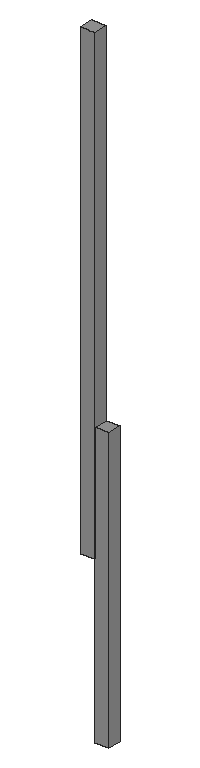
Revit family "Reshoring Poles Ellis 4x4", category Columns, Revit 2021
Family settings
  Work Plane-Based = No
  Cut with Voids When Loaded = No
  Automatically joins geometry to walls = No
  Shared = Yes
  Show family pre-cut in plan views = Yes
Parameters (values of type "10-on-6")
  TopTimberLength = 10' - 0"
  Pour Name [instance] = ""
  Model = "10-on-6 Ellis Shore"
  Min. Height = 12' - 0"
  Max. Height = 14' - 0"
  Manufacturer = "Ellis"
  Load Capacity [instance] = Load Set * Load Calc  # 3200.00 lbf
  Height_Lookup [instance] = rounddown(Height / 0' 1") * 0' 1"  # 13' - 6"
  Lookup_Table = "Lookup_Ellis-10on6"
  Load Set [instance] = 1.00 lbf
  Load Calc [instance] = size_lookup(Lookup_Table, "Capacity", 0, Height_Lookup)  # 3200
  Height [instance] = 13' - 6"
  Description = ""
  Clear Shore Height [instance] = 13' - 6"
  Height Calc [instance] = if(Height < Min. Height, Min. Height, if(Height < Max. Height, Height, Max. Height))  # 13' - 6"
  Default Elevation = 0' - 0"
  BottomTimberLength = 6' - 0"
Types (3): name | TopTimberLength | Model | Min. Height | Max. Height | Load Capacity | Height_Lookup | Lookup_Table | Load Calc | Height | Clear Shore Height | Height Calc
  6-on-6 | 6' - 0" | "6-on-6 Ellis Shore" | 6' - 0" | 10' - 0" | 6000.00 lbf | 8' - 0" | "Lookup_Ellis-6on6" | 6000 | 8' - 0" | 8' - 0" | 8' - 0"
  8-on-6 | 8' - 0" | "8-on-6 Ellis Shore" | 10' - 0" | 12' - 0" | 0.00 lbf | 8' - 0" | "Lookup_Ellis-8on6" | 0 | 8' - 0" | 12' - 11" | 10' - 0"
  10-on-6 | 10' - 0" | "10-on-6 Ellis Shore" | 12' - 0" | 14' - 0" | 3200.00 lbf | 13' - 6" | "Lookup_Ellis-10on6" | 3200 | 13' - 6" | 13' - 6" | 13' - 6"
Reference planes (in)
  plane 1 "Center (Front/Back)": y = 0
  plane 2 "Bottom": z = 0
  plane 3 "Center (Left/Right)": x = 0
  plane 4 "Top": z = 162
  plane 5: z = 72
  plane 6: z = 42
Forms (in)
  Extrusion 1, solid, material "Wood"
    sketch origin (0, 0, 0) x (1, 0, 0) y (0, 1, 0)
      loop
        line (0, 1.75) -> (0, -1.75) -> (3.5, -1.75) -> (3.5, 1.75) -> (0, 1.75)
    from 0 to 72
  Extrusion 2, solid, material "Wood"
    sketch origin (-13, 0, 0) x (1, 0, 0) y (0, 1, 0)
      loop
        line (9.5, 1.75) -> (9.5, -1.75) -> (13, -1.75) -> (13, 1.75) -> (9.5, 1.75)
    from 42 to 162
Lines and regions (in)
  reference lines
    curve 1: line (0, 0, 0) -> (0, 0, 162)
Dimensions and locks (in)
  locked: Extrusion 1 sketch curve to Extrusion 1 sketch curve at 3.5  (x2)
  equal spacing: Extrusion 1 sketch curve, plane 1 "Center (Front/Back)", Extrusion 1 sketch curve
  "BottomTimberLength": plane 5 to plane 2 "Bottom"
  locked: Extrusion 2 sketch curve to Extrusion 2 sketch curve at 3.5  (x2)
  Extrusion 2 sketch curve to Extrusion 2 sketch curve = 0' - 3 1/2"
  "TopTimberLength": plane 4 "Top" to plane 6
  "Height Calc": plane 4 "Top" to level
  "Clear Shore Height": plane 4 "Top" to plane 2 "Bottom"
  aligned and locked: plane 2 "Bottom" to level
  aligned and locked: Extrusion 1 to plane 2 "Bottom"
  aligned and locked: level to curve 1
  aligned and locked: plane 4 "Top" to curve 1
  aligned and locked: plane 3 "Center (Left/Right)" to curve 1
  aligned and locked: plane 3 "Center (Left/Right)" to Extrusion 1 sketch curve
  aligned and locked: plane 5 to Extrusion 1
  aligned and locked: plane 4 "Top" to Extrusion 2
  aligned and locked: Extrusion 2 to plane 6
  aligned and locked: curve 1 to Extrusion 2
Automatic sketch dimensions
  plane 1 "Center (Front/Back)" to Extrusion 2 sketch curve = 0' - 1 3/4"
  Extrusion 2 sketch curve to plane 3 "Center (Left/Right)" = 0' - 3 1/2"
